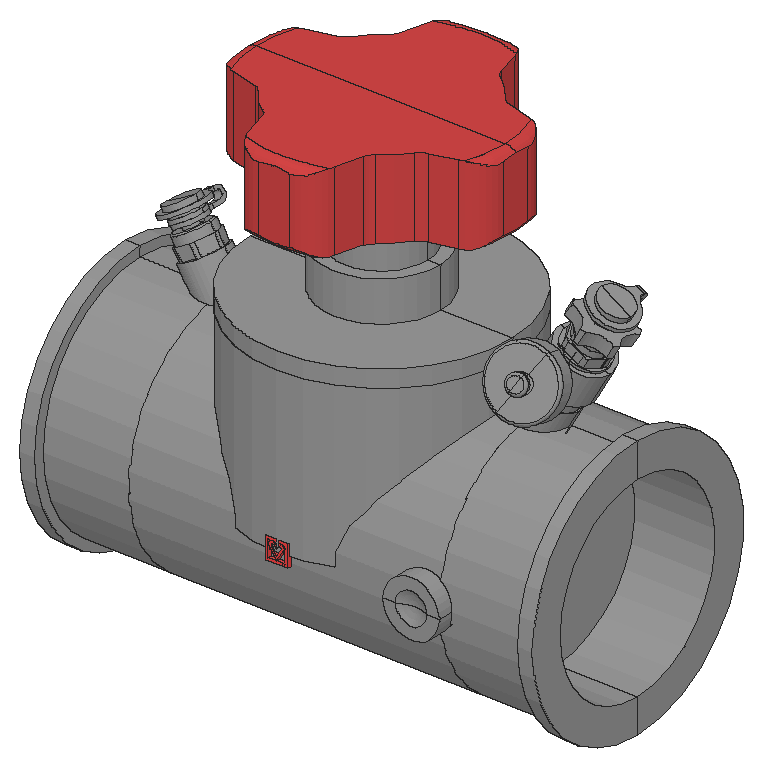
Revit family "HERZ Strömax клапан балансировочный с измерительными клапанами 4217 GML", category Rohrzubehör, Revit 2018
Family settings
  Bemaßung runder Anschluss = Durchmesser verwenden
  Teiletyp = Unterbricht
  OmniClass-Nummer = 23.65.55.14
  OmniClass-Titel = Valves for Liquid Services
  Arbeitsebenenbasiert = Nein
  Immer vertikal = Ja
  Beim Laden mit Abzugskörper schneiden = Nein
  Gemeinsam genutzt = Nein
Parameters
  Среда = "Качество теплоносителя в соответствии с ÖNORM H5195 и VDI 2035.\r\nДопускается использование этилен- и пропиленгликоля в соотношении 25-50% с водой."
  Положение клапана при монтаже = "Неподнимающийся шпиндель, расположенный перпендикулярно оси клапана, обеспечивает доступность и лёгкость в обслуживании в любом монтажном положении."
  Область применения = "Балансировочные клапаны применяются для гидравлической балансировки систем отопления и охлаждения, регулировки магистральных трубопроводов, стояков, теплообменников, регистров отопления и охлаждения."
  Номер заказа [instance] = size_lookup("4217_GML_", "Artnr", 0, Nennweite)  # 1421718
  Макс. рабочее давление = 1600000.0 Pa  # constant formula
  Макс. рабочая температура (с DN40) = 110 °C  # constant formula
  Макс. рабочая температура (до DN32) = 130 °C  # constant formula
  Корпус = "латунь, устойчивая к селективной цинковой коррозии"  # constant formula
  Исполнение = "STRÖMAX-GML Балансировочный клапан с измерительными клапанами и подключением импульсной трубки, 1/2′′ – 3′′.\r\nИсполнение с прямым невыдвижным шпинделем, муфта х муфта, латунный корпус без покрытия, уплотнение шпинделя двойным кольцевым уплотнением O-Ring, преднастройка посредством ограничения хода внутреннего шпинделя, цифровые показания степени настройки отображаются в окне маховика.\r\nОдин измерительный клапан расположен перед седлом балансировочного клапана, другой измерительный клапан с возможностью подключения импульсной трубки - после седла."
  Измерение перепада давления = "Клапаны STRÖMAX-GML оснащен двумя измерительными клапанами:\r\nс помощью измерительного прибора можно измерить перепад давления и по нему определить текущий расход в зависимости от степени преднастройки.\r\nHERZ Измерительный компьютер (1 8900 05) позволяет напрямую считывать расход (см. руководство к измерительным приборам)."
  kvs-значения [instance] = if(Nennweite = 15.00 mm, 6.05, if(Nennweite = 20.00 mm, 6.11, if(Nennweite = 25.00 mm, 9.22, if(Nennweite = 32.00 mm, 18.83, if(Nennweite = 40.00 mm, 23.29, if(Nennweite = 50.00 mm, 35.26, if(Nennweite = 65.00 mm, 52.11, if(Nennweite = 80.00 mm, 76.1, 0))))))))  # 76.1
  W02 = 60.00°  # constant formula
  W01 = 30.00°  # constant formula
  URL = "www.herz-armaturen.ru"
  SC_NennweiteBerechnet = 0
  SC_Dimension = ""
  SCRNSEQ = "ARM;ARM_TYP=\"STRV\";2"
  SCRNCODE = "05;07;02"  # constant formula
  S02 = 60.00 mm  # constant formula
  S01 [instance] = H00 + H01  # 119.31 mm
  R01 [instance] = size_lookup("4217_GML_", "R1", 1.00 mm, Nennweite)  # 53.00 mm
  Nennweite [instance] = 80.00 mm
  ML02 [instance] = size_lookup("4217_GML_", "ML2", 1.00 mm, Nennweite)  # 70.50 mm
  ML01 [instance] = size_lookup("4217_GML_", "ML1", 1.00 mm, Nennweite)  # 37.35 mm
  MD01 = 9.50 mm  # constant formula
  L02 [instance] = size_lookup("4217_GML_", "L2", 1.00 mm, Nennweite)  # 6.00 mm
  L01 [instance] = size_lookup("4217_GML_", "L1", 1.00 mm, Nennweite)  # 41.30 mm
  L00 [instance] = size_lookup("4217_GML_", "L", 1.00 mm, Nennweite)  # 210.00 mm
  IG [instance] = Nennweite / 2  # 40.00 mm
  Hersteller = "HERZ Armaturen Ges.m.b.H."  # constant formula
  H04 [instance] = size_lookup("4217_GML_", "H4", 1.00 mm, Nennweite)  # 19.00 mm
  H03 = 10.00 mm  # constant formula
  H02 [instance] = size_lookup("4217_GML_", "H2", 1.00 mm, Nennweite)  # 7.00 mm
  H01 [instance] = size_lookup("4217_GML_", "H1", 1.00 mm, Nennweite)  # 52.60 mm
  H00 [instance] = size_lookup("4217_GML_", "H", 1.00 mm, Nennweite)  # 66.71 mm
  Вес [instance] = if(Nennweite = 15.00 mm, "0.97 kg", if(Nennweite = 20.00 mm, "1.00 kg", if(Nennweite = 25.00 mm, "1.45 kg", if(Nennweite = 32.00 mm, "1.98 kg", if(Nennweite = 40.00 mm, "2.34 kg", if(Nennweite = 50.00 mm, "3.85 kg", if(Nennweite = 65.00 mm, "5.35 kg", if(Nennweite = 80.00 mm, "7.20 kg", "0 kg"))))))))  # "7.20 kg"
  GT [instance] = size_lookup("4217_GML_", "GT", 1.00 mm, Nennweite)  # 33.30 mm
  DN80 [instance] = Nennweite = 80.00 mm  # yes
  DN65 [instance] = Nennweite = 65.00 mm  # no
  DN50_DN80 [instance] = or(Nennweite = 50.00 mm, Nennweite = 65.00 mm, Nennweite = 80.00 mm)  # yes
  DN50-DN80 [instance] = H00 + H01  # 119.31 mm
  DN50 [instance] = Nennweite = 50.00 mm  # no
  DN40 [instance] = Nennweite = 40.00 mm  # no
  DN32 [instance] = Nennweite = 32.00 mm  # no
  DN25 [instance] = Nennweite = 25.00 mm  # no
  DN20 [instance] = Nennweite = 20.00 mm  # no
  DN15_DN40 [instance] = or(Nennweite = 15.00 mm, Nennweite = 20.00 mm, Nennweite = 25.00 mm, Nennweite = 32.00 mm, Nennweite = 40.00 mm)  # no
  DN15-DN40 [instance] = H00 + H01  # 119.31 mm
  DN15 [instance] = Nennweite = 15.00 mm  # no
  D06 [instance] = size_lookup("4217_GML_", "D6", 1.00 mm, Nennweite)  # 24.30 mm
  D05 [instance] = size_lookup("4217_GML_", "D5", 1.00 mm, Nennweite)  # 19.00 mm
  D04 = 9.00 mm  # constant formula
  D03 [instance] = size_lookup("4217_GML_", "D3", 1.00 mm, Nennweite)  # 53.80 mm
  D02 [instance] = size_lookup("4217_GML_", "D2", 1.00 mm, Nennweite)  # 54.00 mm
  D01 [instance] = size_lookup("4217_GML_", "D1", 1.00 mm, Nennweite)  # 50.00 mm
Reference planes
  plane 1 "Mitte (Vorne/hinten)": y = 0
  plane 2: z = 0
  plane 3 "Mitte (Links/rechts)": x = 0
Forms (mm)
  Revolve 1, solid, material "Messing, weicher Gelbton, geschweißt", detail levels fine
    sketch origin (0, 0, 0) x (1, 0, 0) y (0, 0, 1)
      loop
        line (-105, 54) -> (-105, 40) -> (-71.7, 40) -> (-71.7, 0) -> (71.7, 0) -> (71.7, 40) -> (105, 40) -> (105, 54) -> (99, 54) -> (99, 50) -> (63.7, 50)
        arc (63.7, 50) -> (0, 53) -> (-63.7, 50) r 677.782
        line (-63.7, 50) -> (-99, 50) -> (-99, 54) -> (-105, 54)
      axis (-105, 0) -> (105, 0)
    angle from 0 to 360
  Revolve 2, solid, material "Messing, weicher Gelbton, geschweißt", detail levels fine
    sketch origin (0, 0, 0) x (1, 0, 0) y (0, 0, 1)
      loop
        line (37.35, 0) -> (72.6, 61.055) -> (64.373, 65.805) -> (29.123, 4.75) -> (37.35, 0)
      axis (37.35, 0) -> (72.6, 61.055)
    angle from 0 to 360
  Revolve 3, solid, material "Messing, weicher Gelbton, geschweißt", detail levels fine
    sketch origin (0, 0, 0) x (1, 0, 0) y (0, 0, 1)
      loop
        line (0, 0) -> (0, 66.71) -> (-53.8, 66.71) -> (-53.8, 0) -> (0, 0)
      axis (0, 66.71) -> (0, 0)
    angle from 0 to 360
  Revolve 4, solid, material "Messing, weicher Gelbton, geschweißt", detail levels fine
    sketch origin (0, 0, 0) x (-1, 0, 0) y (0, 0, 1)
      loop
        line (37.35, 0) -> (72.6, 61.055) -> (64.373, 65.805) -> (29.123, 4.75) -> (37.35, 0)
      axis (37.35, 0) -> (72.6, 61.055)
    angle from 0 to 360
  Revolve 5, solid, material "Messing, weicher Gelbton, geschweißt", visible <- "DN65", detail levels fine
    sketch origin (0, 0, 0) x (1, 0, 0) y (0, 1, 0)
      loop
        line (60, 47.945) -> (60, -47.945)
        arc (60, -47.945) -> (63.368, -48.598) -> (66.5, -50) r 15
        line (66.5, -50) -> (71.5, -50) -> (71.5, 50) -> (66.5, 50)
        arc (66.5, 50) -> (63.368, 48.598) -> (60, 47.945) r 15
      axis (60, 50) -> (60, -50)
    angle from 0 to 360
  Revolve 6, solid, material "Messing, weicher Gelbton, geschweißt", detail levels fine
    sketch origin (0, 0, 0) x (1, 0, 0) y (0, 0, 1)
      loop
        line (0, 66.71) -> (0, 119.31) -> (-9, 119.31) -> (-9, 109.31) -> (-19, 109.31) -> (-19, 90.31) -> (-24.3, 90.31) -> (-24.3, 73.71) -> (-53.8, 73.71) -> (-53.8, 66.71) -> (0, 66.71)
      axis (0, 119.31) -> (0, 66.71)
    angle from 0 to 360
  Revolve 7, solid, material "Messing, weicher Gelbton, geschweißt", visible <- "DN80", detail levels fine
    sketch origin (0, 0, 0) x (1, 0, 0) y (0, 1, 0)
      loop
        line (57, 53.945) -> (57, -53.945)
        arc (57, -53.945) -> (60.368, -54.598) -> (63.5, -56) r 15
        line (63.5, -56) -> (68.5, -56) -> (68.5, 56) -> (63.5, 56)
        arc (63.5, 56) -> (60.368, 54.598) -> (57, 53.945) r 15
      axis (57, 56) -> (57, -56)
    angle from 0 to 360
Lines and regions (mm)
  model lines, detail levels coarse+medium
    curve 1: line (-105, 0, 54) -> (-105, 0, -54)
    curve 2: line (-105, 0, -54) -> (105, 0, 54)
    curve 3: line (105, 0, 54) -> (105, 0, -54)
    curve 4: line (105, 0, -54) -> (-105, 0, 54)
    curve 5: line (0, 0, 0) -> (68.884, 0, 119.31)
    curve 6: line (42.903, 0, 134.31) -> (94.864, 0, 104.31)
    curve 7: line (-105, 54, 0) -> (-105, -54, 0)
    curve 8: line (-105, -54, 0) -> (105, 54, 0)
    curve 9: line (105, 54, 0) -> (105, -54, 0)
    curve 10: line (105, -54, 0) -> (-105, 54, 0)
    curve 11: line (0, 0, 0) -> (68.884, 119.31, 0)
    curve 12: line (42.903, 134.31, 0) -> (94.864, 104.31, 0)
Dimensions and locks
  "IG": Revolve 1 sketch curve to plane 2
  "GT": Revolve 1 sketch curve to Revolve 1 sketch curve  (x2)
  "IG": Revolve 1 sketch curve to Revolve 1 sketch curve
  "D01": Revolve 1 sketch curve to Revolve 1 sketch curve  (x2)
  "R01": Revolve 1 sketch curve to Revolve 1 sketch curve
  "L02": Revolve 1 sketch curve to Revolve 1 sketch curve  (x2)
  "L01": Revolve 1 sketch curve to Revolve 1 sketch curve  (x2)
  "D02": Revolve 1 sketch curve to plane 2  (x2)
  equal spacing: Revolve 1 sketch curve, plane 3 "Mitte (Links/rechts)", Revolve 1 sketch curve
  "L00": Revolve 1 sketch curve to Revolve 1 sketch curve
  "R01": nested 1 to plane 1 "Mitte (Vorne/hinten)"
  "ML01": Revolve 2 sketch curve to plane 3 "Mitte (Links/rechts)"
  "H00": Revolve 3 sketch curve to plane 2
  "D03": Revolve 3 sketch curve to Revolve 3 sketch curve
  "ML02": Revolve 2 sketch curve to Revolve 2 sketch curve
  "MD01": Revolve 2 sketch curve to Revolve 2 sketch curve  (x2)
  "ML02": Revolve 4 sketch curve to Revolve 4 sketch curve
  "MD01": Revolve 4 sketch curve to Revolve 4 sketch curve  (x2)
  "ML01": plane 3 "Mitte (Links/rechts)" to Revolve 4 sketch curve
  Revolve 5 sketch curve to Revolve 1 = 45.00 mm
  Revolve 5 sketch curve to Revolve 5 sketch curve = 11.50 mm  (x2)
  Revolve 5 sketch curve to plane 1 "Mitte (Vorne/hinten)" to Revolve 5 sketch curve = 50.00 mm, 50.00 mm
  "H00": Revolve 6 sketch curve to plane 2
  "H01": Revolve 6 sketch curve to Revolve 6 sketch curve
  "D04": Revolve 6 sketch curve to Revolve 6 sketch curve
  "D03": Revolve 6 sketch curve to Revolve 6 sketch curve
  "D05": Revolve 6 sketch curve to Revolve 6 sketch curve
  "D06": Revolve 6 sketch curve to Revolve 6 sketch curve
  "H02": Revolve 6 sketch curve to Revolve 6 sketch curve
  "H03": Revolve 6 sketch curve to Revolve 6 sketch curve
  "H04": Revolve 6 sketch curve to Revolve 6 sketch curve
  Revolve 7 sketch curve to Revolve 1 = 48.00 mm
  Revolve 7 sketch curve to Revolve 7 sketch curve = 11.50 mm  (x2)
  Revolve 7 sketch curve to plane 1 "Mitte (Vorne/hinten)" to Revolve 7 sketch curve = 56.00 mm, 56.00 mm
  "DN15-DN40": nested 2 to plane 2
  "DN50-DN80": nested 3 to plane 2
  "D02": curve 4 to plane 2 to curve 2
  "D02": curve 3 to plane 2 to curve 4
  equal spacing: curve 1, plane 3 "Mitte (Links/rechts)", curve 3
  "L00": curve 1 to curve 3
  equal spacing: Revolve 1, curve 5, Revolve 1
  "S01": curve 5 to plane 2
  equal spacing: curve 6, curve 5, curve 6
  "S02": curve 6 to curve 6
  "D02": curve 8 to plane 1 "Mitte (Vorne/hinten)" to curve 10
  "D02": curve 10 to plane 1 "Mitte (Vorne/hinten)" to curve 9
  equal spacing: curve 7, plane 3 "Mitte (Links/rechts)", curve 9
  "L00": curve 7 to curve 9
  equal spacing: curve 7, curve 11, curve 9
  "S01": plane 1 "Mitte (Vorne/hinten)" to curve 11
  equal spacing: curve 12, curve 11, curve 12
  "S02": curve 12 to curve 12
  radius of Revolve 5 sketch curve = 15.00 mm  (x2)
  radius of Revolve 7 sketch curve = 15.00 mm  (x2)
  "W01": angle Revolve 2 sketch curve to plane 3 "Mitte (Links/rechts)"  (x2)
  "W01": angle plane 3 "Mitte (Links/rechts)" to Revolve 4 sketch curve  (x2)
  "W02": angle plane 2 to curve 5
  "W02": angle plane 1 "Mitte (Vorne/hinten)" to curve 11
  aligned and locked: level to plane 2
Automatic sketch dimensions
  Revolve 5 sketch curve to Revolve 5 sketch curve = 1.153 mm  (x2)
  Revolve 5 sketch curve to Revolve 5 sketch curve = 5.00 mm  (x2)
  Revolve 5 sketch curve to Revolve 5 sketch curve = 2.854 mm  (x2)
  Revolve 7 sketch curve to Revolve 7 sketch curve = 1.153 mm  (x2)
  Revolve 7 sketch curve to Revolve 7 sketch curve = 5.00 mm  (x2)
  Revolve 7 sketch curve to Revolve 7 sketch curve = 8.854 mm  (x2)
  Revolve 1 sketch curve to level = 0.00 mm  (x2)
  Revolve 1 sketch curve to Revolve 1 sketch curve = 1429.986 mm
  Revolve 1 sketch curve to Revolve 1 sketch curve = 1762.604 mm
  Revolve 2 sketch curve to level = 0.00 mm  (x2)
  Revolve 3 sketch curve to level = 0.00 mm
  Revolve 3 sketch curve to plane 3 "Mitte (Links/rechts)" = 0.00 mm  (x2)
  Revolve 3 sketch curve to Revolve 3 sketch curve = 366.045 mm
  Revolve 3 sketch curve to Revolve 3 sketch curve = 2179.415 mm
  Revolve 4 sketch curve to level = 0.00 mm  (x2)
  Revolve 6 sketch curve to plane 3 "Mitte (Links/rechts)" = 0.00 mm  (x2)
  Revolve 6 sketch curve to level = 366.045 mm
  Revolve 6 sketch curve to Revolve 6 sketch curve = 2146.115 mm
Nested families
  nested 1: "Herz-Logo-vorne" at (0, -53, 0) x (0, 1, 0) z (0, 0, 1), type "Herz-Logo-vorne", detail levels fine
  nested 2: "Strangregulierventil-Handrad-Gerade (Rot) DN15-DN40" at (0, 0, 119.31), visible <- "DN15_DN40", type "Strangregulierventil-Handrad-Gerade (Rot) DN15-DN40", detail levels fine
    with Nennweite 0.00 mm, Gewicht 0.00 kg, Bestellnummer 0
  nested 3: "Strangregulierventil-Handrad-Gerade (Rot) DN50-DN80" at (0, 0, 119.31), visible <- "DN50_DN80", type "Strangregulierventil-Handrad-Gerade (Rot) DN50-DN80", detail levels fine
    with Nennweite 0.00 mm, Gewicht 0.00 kg, Bestellnummer 0
  nested 4: "Messstutzen_Band-KFE_Austritt_30Grad_(oben)" at (61.39, 0, 59.409), visible <- "DN50", type "Messstutzen_Band-KFE_Austritt_30Grad_(oben)", detail levels fine
    with Schutzkappe yes, Nennweite 0.00 mm, Gewicht 0.00 kg, Bestellnummer 0
  nested 5: "Messstutzen_Band_Eintritt_30Grad_(oben)" at (-47.24, 0, 34.901) x (-1, 0, 0) z (0, 0, 1), visible <- "DN50", type "Messstutzen_Band_Eintritt_30Grad_(oben)", detail levels fine
    with Schutzkappe yes, Nennweite 0.00 mm, Gewicht 0.00 kg, Bestellnummer 0
  nested 6: "Messstutzen_Band-KFE_Austritt_30Grad_(oben)" at (41.17, 0, 35.507), visible <- "DN15", type "Messstutzen_Band-KFE_Austritt_30Grad_(oben)", detail levels fine
    with Schutzkappe yes, Nennweite 0.00 mm, Gewicht 0.00 kg, Bestellnummer 0
  nested 7: "Messstutzen_Band_Eintritt_30Grad_(oben)" at (-27.02, 0, 10.999) x (-1, 0, 0) z (0, 0, 1), visible <- "DN15", type "Messstutzen_Band_Eintritt_30Grad_(oben)", detail levels fine
    with Schutzkappe yes, Nennweite 0.00 mm, Gewicht 0.00 kg, Bestellnummer 0
  nested 8: "Messstutzen_Band_Eintritt_30Grad_(oben)" at (-24.855, 0, 13.553) x (-1, 0, 0) z (0, 0, 1), visible <- "DN20", type "Messstutzen_Band_Eintritt_30Grad_(oben)", detail levels fine
    with Schutzkappe yes, Nennweite 0.00 mm, Gewicht 0.00 kg, Bestellnummer 0
  nested 9: "Messstutzen_Band-KFE_Austritt_30Grad_(oben)" at (39.005, 0, 38.062), visible <- "DN20", type "Messstutzen_Band-KFE_Austritt_30Grad_(oben)", detail levels fine
    with Schutzkappe yes, Nennweite 0.00 mm, Gewicht 0.00 kg, Bestellnummer 0
  nested 10: "Messstutzen_Band_Eintritt_30Grad_(oben)" at (-29.265, 0, 17.883) x (-1, 0, 0) z (0, 0, 1), visible <- "DN25", type "Messstutzen_Band_Eintritt_30Grad_(oben)", detail levels fine
    with Schutzkappe yes, Nennweite 0.00 mm, Gewicht 0.00 kg, Bestellnummer 0
  nested 11: "Messstutzen_Band-KFE_Austritt_30Grad_(oben)" at (43.415, 0, 42.392), visible <- "DN25", type "Messstutzen_Band-KFE_Austritt_30Grad_(oben)", detail levels fine
    with Schutzkappe yes, Nennweite 0.00 mm, Gewicht 0.00 kg, Bestellnummer 0
  nested 12: "Messstutzen_Band_Eintritt_30Grad_(oben)" at (-37.74, 0, 24.595) x (-1, 0, 0) z (0, 0, 1), visible <- "DN32", type "Messstutzen_Band_Eintritt_30Grad_(oben)", detail levels fine
    with Schutzkappe yes, Nennweite 0.00 mm, Gewicht 0.00 kg, Bestellnummer 0
  nested 13: "Messstutzen_Band-KFE_Austritt_30Grad_(oben)" at (51.89, 0, 49.104), visible <- "DN32", type "Messstutzen_Band-KFE_Austritt_30Grad_(oben)", detail levels fine
    with Schutzkappe yes, Nennweite 0.00 mm, Gewicht 0.00 kg, Bestellnummer 0
  nested 14: "Messstutzen_Band_Eintritt_30Grad_(oben)" at (-42.8, 0, 28.665) x (-1, 0, 0) z (0, 0, 1), visible <- "DN40", type "Messstutzen_Band_Eintritt_30Grad_(oben)", detail levels fine
    with Schutzkappe yes, Nennweite 0.00 mm, Gewicht 0.00 kg, Bestellnummer 0
  nested 15: "Messstutzen_Band-KFE_Austritt_30Grad_(oben)" at (56.95, 0, 53.174), visible <- "DN40", type "Messstutzen_Band-KFE_Austritt_30Grad_(oben)", detail levels fine
    with Schutzkappe yes, Nennweite 0.00 mm, Gewicht 0.00 kg, Bestellnummer 0
  nested 16: "Messstutzen_Band_Eintritt_30Grad_(oben)" at (-54.5, 0, 38.105) x (-1, 0, 0) z (0, 0, 1), visible <- "DN65", type "Messstutzen_Band_Eintritt_30Grad_(oben)", detail levels fine
    with Schutzkappe yes, Nennweite 0.00 mm, Gewicht 0.00 kg, Bestellnummer 0
  nested 17: "Messstutzen_Band-KFE_Austritt_30Grad_(oben)" at (68.65, 0, 62.614), visible <- "DN65", type "Messstutzen_Band-KFE_Austritt_30Grad_(oben)", detail levels fine
    with Schutzkappe yes, Nennweite 0.00 mm, Gewicht 0.00 kg, Bestellnummer 0
  nested 18: "Messstutzen_Band_Eintritt_30Grad_(oben)" at (-63.85, 0, 45.899) x (-1, 0, 0) z (0, 0, 1), visible <- "DN80", type "Messstutzen_Band_Eintritt_30Grad_(oben)", detail levels fine
    with Schutzkappe yes, Nennweite 0.00 mm, Gewicht 0.00 kg, Bestellnummer 0
  nested 19: "Messstutzen_Band-KFE_Austritt_30Grad_(oben)" at (78, 0, 70.408), visible <- "DN80", type "Messstutzen_Band-KFE_Austritt_30Grad_(oben)", detail levels fine
    with Schutzkappe yes, Nennweite 0.00 mm, Gewicht 0.00 kg, Bestellnummer 0
Connectors
  piping at (-71.7, 0, 0), diameter 80, driven by "Nennweite"
    settings: on Revolve 1, index 1, connector inside diameter 609.6 mm, connector length 0.00 mm, flow factor 0, pipe flow 0.0 L/s, pressure drop 0.0 Pa, fitting loss kfactor 0, connector angle 0.00°, fixture units 0, engagement length 0.00 mm, angle of deflection 0.00°, flow configuration 0, flow direction 1, fitting loss method 0, system type 29, joint type 0, gender type 0, connector reference index -1, connector utility 0, adjustable connector no, is connector primary yes, connector description ""
  piping at (71.7, 0, 0), diameter 80, driven by "Nennweite"
    settings: on Revolve 1, index 2, connector inside diameter 609.6 mm, connector length 0.00 mm, flow factor 0, pipe flow 0.0 L/s, pressure drop 0.0 Pa, fitting loss kfactor 0, connector angle 0.00°, fixture units 0, engagement length 0.00 mm, angle of deflection 0.00°, flow configuration 0, flow direction 2, fitting loss method 0, system type 29, joint type 0, gender type 0, connector reference index -1, connector utility 0, adjustable connector no, is connector primary no, connector description ""
Definition of nested family "Herz-Logo-vorne"
  Reference planes
    plane 1 "Mitte (Vorne/hinten)": y = 0
    plane 2: z = 0
    plane 3 "Mitte (Links/rechts)": x = 0
  Forms (mm)
    Extrusion 1, solid
      sketch origin (0.732, -0.018, 0.017) x (0, -1, 0) y (0, 0, 1)
        loop
          line (-0.018, -4.517) -> (4.482, -4.517) -> (4.482, 4.483) -> (-4.518, 4.483) -> (-4.518, -4.517) -> (-0.018, -4.517)
        loop
          line (-0.05, -3.48) -> (3.482, -3.48) -> (3.482, 3.483) -> (-3.518, 3.483) -> (-3.518, -3.48) -> (-0.05, -3.48)
        loop
          arc (-0.018, 2.383) -> (-1.543, 3.287) -> (-3.067, 2.383) r 1.738
          arc (-3.067, 2.383) -> (-3.191, 1.899) -> (-3.067, 1.415) r 1.009
          line (-3.067, 1.415) -> (-0.018, -3.281) -> (3.032, 1.415)
          arc (3.032, 1.415) -> (3.156, 1.899) -> (3.032, 2.383) r 1.009
          arc (3.032, 2.383) -> (1.507, 3.287) -> (-0.018, 2.383) r 1.738
        loop
          arc (1.885, 1.272) -> (2.005, 1.675) -> (1.885, 2.079) r 0.74
          arc (1.885, 2.079) -> (1.265, 2.416) -> (0.644, 2.079) r 0.74
          line (0.644, 2.079) -> (-0.018, 0.97) -> (-0.679, 2.079)
          arc (-0.679, 2.079) -> (-1.3, 2.416) -> (-1.921, 2.079) r 0.74
          arc (-1.921, 2.079) -> (-2.04, 1.675) -> (-1.921, 1.272) r 0.74
          line (-1.921, 1.272) -> (-0.018, -1.658) -> (1.885, 1.272)
      from 0 to 1.5
  Dimensions and locks
    aligned and locked: level to plane 2
Definition of nested family "Strangregulierventil-Handrad-Gerade (Rot) DN15-DN40"
  Parameters (values of type "Strangregulierventil-Handrad-Gerade (Rot) DN15-DN40")
    URL = "www.herz-armaturen.at"
    Nennweite [instance] = 0.00 mm
    Manufacturer = "Herz Armaturen GmbH"  # constant formula
    Gewicht [instance] = 0.00 kg
    Bestellnummer [instance] = 0
  Reference planes
    plane 1 "Mitte (Vorne/hinten)": y = 0
    plane 2: z = 0
    plane 3 "Mitte (Links/rechts)": x = 0
  Forms (mm)
    Revolve 1, solid, detail levels fine
      sketch origin (0, 0, 0) x (1, 0, 0) y (0, 0, 1)
        loop
          line (0, 0) -> (0, 24.95) -> (-30.992, 24.95)
          arc (-30.992, 24.95) -> (-34.37, 23.636) -> (-35.973, 20.386) r 5
          line (-35.973, 20.386) -> (-37, 8.65) -> (-35.986, -2.936)
          arc (-35.986, -2.936) -> (-34.383, -6.186) -> (-31.005, -7.5) r 5
          line (-31.005, -7.5) -> (-15, -7.5) -> (-15, 0) -> (0, 0)
        axis (0, 24.95) -> (0, -7.5)
      angle from 0 to 360
    Extrusion 2, void
      sketch origin (0, 0, 20.3) x (1, 0, 0) y (0, 1, 0)
        loop
          line (3.861, 35.5) -> (-3.861, 35.5)
          arc (-3.861, 35.5) -> (-8.731, 33.847) -> (-11.589, 29.571) r 8
          line (-11.589, 29.571) -> (-13.284, 23.245)
          arc (-13.284, 23.245) -> (-13.982, 21.722) -> (-15.144, 20.516) r 5
          arc (-15.144, 20.516) -> (-18.031, 18.031) -> (-20.516, 15.144) r 25.5
          arc (-20.516, 15.144) -> (-21.722, 13.982) -> (-23.245, 13.284) r 5
          line (-23.245, 13.284) -> (-29.571, 11.589)
          arc (-29.571, 11.589) -> (-33.847, 8.731) -> (-35.5, 3.861) r 8
          line (-35.5, 3.861) -> (-35.5, -3.861)
          arc (-35.5, -3.861) -> (-33.847, -8.731) -> (-29.571, -11.589) r 8
          line (-29.571, -11.589) -> (-23.245, -13.284)
          arc (-23.245, -13.284) -> (-21.722, -13.982) -> (-20.516, -15.144) r 5
          arc (-20.516, -15.144) -> (-18.031, -18.031) -> (-15.144, -20.516) r 25.5
          arc (-15.144, -20.516) -> (-13.982, -21.722) -> (-13.284, -23.245) r 5
          line (-13.284, -23.245) -> (-11.589, -29.571)
          arc (-11.589, -29.571) -> (-8.731, -33.847) -> (-3.861, -35.5) r 8
          line (-3.861, -35.5) -> (3.861, -35.5)
          arc (3.861, -35.5) -> (8.731, -33.847) -> (11.589, -29.571) r 8
          line (11.589, -29.571) -> (13.284, -23.245)
          arc (13.284, -23.245) -> (13.982, -21.722) -> (15.144, -20.516) r 5
          arc (15.144, -20.516) -> (18.031, -18.031) -> (20.516, -15.144) r 25.5
          arc (20.516, -15.144) -> (21.722, -13.982) -> (23.245, -13.284) r 5
          line (23.245, -13.284) -> (29.571, -11.589)
          arc (29.571, -11.589) -> (33.847, -8.731) -> (35.5, -3.861) r 8
          line (35.5, -3.861) -> (35.5, 3.861)
          arc (35.5, 3.861) -> (33.847, 8.731) -> (29.571, 11.589) r 8
          line (29.571, 11.589) -> (23.245, 13.284)
          arc (23.245, 13.284) -> (21.722, 13.982) -> (20.516, 15.144) r 5
          arc (20.516, 15.144) -> (18.031, 18.031) -> (15.144, 20.516) r 25.5
          arc (15.144, 20.516) -> (13.982, 21.722) -> (13.284, 23.245) r 5
          line (13.284, 23.245) -> (11.589, 29.571)
          arc (11.589, 29.571) -> (8.731, 33.847) -> (3.861, 35.5) r 8
        loop
          circle (0, 0) r 38
      from -31.266 to 7.923
  Cuts and joins
    Extrusion 2 cuts Revolve 1
  Dimensions and locks
    Revolve 1 sketch curve to Revolve 1 sketch curve = 15.00 mm
    Revolve 1 sketch curve to Revolve 1 sketch curve = 16.15 mm
    Revolve 1 sketch curve to Revolve 1 sketch curve = 16.30 mm
    angle Revolve 1 sketch curve to Revolve 1 sketch curve = 95.00°
    aligned and locked: level to plane 2
Definition of nested family "Strangregulierventil-Handrad-Gerade (Rot) DN50-DN80"
  Parameters (values of type "Strangregulierventil-Handrad-Gerade (Rot) DN50-DN80")
    URL = "www.herz-armaturen.at"
    Nennweite [instance] = 0.00 mm
    Manufacturer = "Herz Armaturen GmbH"  # constant formula
    Gewicht [instance] = 0.00 kg
    Bestellnummer [instance] = 0
  Reference planes
    plane 1 "Mitte (Vorne/hinten)": y = 0
    plane 2: z = 0
    plane 3 "Mitte (Links/rechts)": x = 0
  Forms (mm)
    Revolve 1, solid, detail levels fine
      sketch origin (0, 0, 0) x (1, 0, 0) y (0, 0, 1)
        loop
          line (0, 0) -> (0, 24.95) -> (-50.992, 24.95)
          arc (-50.992, 24.95) -> (-54.37, 23.636) -> (-55.973, 20.386) r 5
          line (-55.973, 20.386) -> (-57, 8.65) -> (-55.986, -2.936)
          arc (-55.986, -2.936) -> (-54.383, -6.186) -> (-51.005, -7.5) r 5
          line (-51.005, -7.5) -> (-15, -7.5) -> (-15, 0) -> (0, 0)
        axis (0, 24.95) -> (0, -7.5)
      angle from 0 to 360
    Extrusion 2, void
      sketch origin (0, 0, 20.3) x (1, 0, 0) y (0, 1, 0)
        loop
          line (-55, 6.292) -> (-55, -6.292)
          arc (-55, -6.292) -> (-52.52, -13.597) -> (-46.106, -17.883) r 12
          line (-46.106, -17.883) -> (-35.399, -20.752)
          arc (-35.399, -20.752) -> (-33.541, -21.612) -> (-32.08, -23.047) r 6
          arc (-32.08, -23.047) -> (-27.931, -27.931) -> (-23.047, -32.08) r 39.5
          arc (-23.047, -32.08) -> (-21.612, -33.541) -> (-20.752, -35.399) r 6
          line (-20.752, -35.399) -> (-17.883, -46.106)
          arc (-17.883, -46.106) -> (-13.597, -52.52) -> (-6.292, -55) r 12
          line (-6.292, -55) -> (6.292, -55)
          arc (6.292, -55) -> (13.597, -52.52) -> (17.883, -46.106) r 12
          line (17.883, -46.106) -> (20.752, -35.399)
          arc (20.752, -35.399) -> (21.612, -33.541) -> (23.047, -32.08) r 6
          arc (23.047, -32.08) -> (27.931, -27.931) -> (32.08, -23.047) r 39.5
          arc (32.08, -23.047) -> (33.541, -21.612) -> (35.399, -20.752) r 6
          line (35.399, -20.752) -> (46.106, -17.883)
          arc (46.106, -17.883) -> (52.52, -13.597) -> (55, -6.292) r 12
          line (55, -6.292) -> (55, 6.292)
          arc (55, 6.292) -> (52.52, 13.597) -> (46.106, 17.883) r 12
          line (46.106, 17.883) -> (35.399, 20.752)
          arc (35.399, 20.752) -> (33.541, 21.612) -> (32.08, 23.047) r 6
          arc (32.08, 23.047) -> (27.931, 27.931) -> (23.047, 32.08) r 39.5
          arc (23.047, 32.08) -> (21.612, 33.541) -> (20.752, 35.399) r 6
          line (20.752, 35.399) -> (17.883, 46.106)
          arc (17.883, 46.106) -> (13.597, 52.52) -> (6.292, 55) r 12
          line (6.292, 55) -> (-6.292, 55)
          arc (-6.292, 55) -> (-13.597, 52.52) -> (-17.883, 46.106) r 12
          line (-17.883, 46.106) -> (-20.752, 35.399)
          arc (-20.752, 35.399) -> (-21.612, 33.541) -> (-23.047, 32.08) r 6
          arc (-23.047, 32.08) -> (-27.931, 27.931) -> (-32.08, 23.047) r 39.5
          arc (-32.08, 23.047) -> (-33.541, 21.612) -> (-35.399, 20.752) r 6
          line (-35.399, 20.752) -> (-46.106, 17.883)
          arc (-46.106, 17.883) -> (-52.52, 13.597) -> (-55, 6.292) r 12
        loop
          circle (0, 0) r 60
      from -31.161 to 7.489
  Cuts and joins
    Extrusion 2 cuts Revolve 1
  Dimensions and locks
    Revolve 1 sketch curve to Revolve 1 sketch curve = 15.00 mm
    Revolve 1 sketch curve to Revolve 1 sketch curve = 16.15 mm
    Revolve 1 sketch curve to Revolve 1 sketch curve = 16.30 mm
    Revolve 1 sketch curve to Revolve 1 sketch curve = 57.00 mm
    angle Revolve 1 sketch curve to Revolve 1 sketch curve = 95.00°
    aligned and locked: level to plane 2
Definition of nested family "Messstutzen_Band-KFE_Austritt_30Grad_(oben)"
  Parameters (values of type "Messstutzen_Band-KFE_Austritt_30Grad_(oben)")
    URL = "www.herz-armaturen.at"
    Schutzkappe [instance] = yes
    Nennweite [instance] = 0.00 mm
    Manufacturer = "Herz Armaturen GmbH"  # constant formula
    Gewicht [instance] = 0.00 kg
    Bestellnummer [instance] = 0
  Reference planes
    plane 1 "Mitte (Vorne/hinten)": y = 0
    plane 2: z = 0
    plane 3 "Mitte (Links/rechts)": x = 0
  Forms (mm)
    Revolve 1, solid, detail levels fine
      sketch origin (0, 0, 0) x (0.866025, 0, -0.5) y (0.5, 0, 0.866025)
        loop
          line (-7.4, 9) -> (-5.55, 9) -> (-5.55, 6)
          arc (-5.55, 6) -> (-5.626, 5.617) -> (-5.843, 5.293) r 1
          line (-5.843, 5.293) -> (-6.455, 4.681) -> (-6.455, 0.9) -> (-5.555, 0) -> (-2, 0) -> (-2, 23) -> (-2, 35.8) -> (-3.805, 35.8) -> (-4.415, 35.19) -> (-4.415, 30.863) -> (-3.7, 30.45) -> (-3.7, 27) -> (-7.4, 27) -> (-7.4, 9)
        axis (0, 0) -> (0, 35.8)
      angle from 0 to 360
    Extrusion 2, solid, detail levels fine
      sketch origin (8.75, 0, 15.155) x (0, 1, 0) y (-0.866025, 0, 0.5)
        loop
          arc (-7.07, 5.156) -> (-7.578, 4.375) -> (-8, 3.544) r 8.75
          line (-8, 3.544) -> (-8, -3.544)
          arc (-8, -3.544) -> (-7.578, -4.375) -> (-7.07, -5.156) r 8.75
          line (-7.07, -5.156) -> (-0.93, -8.7)
          arc (-0.93, -8.7) -> (0, -8.75) -> (0.93, -8.7) r 8.75
          line (0.93, -8.7) -> (7.07, -5.156)
          arc (7.07, -5.156) -> (7.578, -4.375) -> (8, -3.544) r 8.75
          line (8, -3.544) -> (8, 3.544)
          arc (8, 3.544) -> (7.578, 4.375) -> (7.07, 5.156) r 8.75
          line (7.07, 5.156) -> (0.93, 8.7)
          arc (0.93, 8.7) -> (0, 8.75) -> (-0.93, 8.7) r 8.75
          line (-0.93, 8.7) -> (-7.07, 5.156)
      from -5.51 to -1.21
    Revolve 3, solid, visible <- "Schutzkappe", detail levels fine
      sketch origin (0, 0, 0) x (0.866025, 0, -0.5) y (0.5, 0, 0.866025)
        loop
          line (0, 35.878) -> (0, 36.678) -> (-7, 36.678) -> (-7, 33.378) -> (-6.1, 33.378) -> (-6.1, 31.678) -> (-6.9, 31.678) -> (-6.9, 30.178) -> (-4.415, 30.178) -> (-4.415, 35.268) -> (-3.805, 35.878) -> (0, 35.878)
        axis (0, 30.178) -> (0, 36.678)
      angle from 0 to 360
    Extrusion 4, solid, detail levels fine
      sketch origin (15, 0, 25.981) x (0, 1, 0) y (0.866025, 0, -0.5)
        loop
          circle (0, 0) r 3.7
        loop
          arc (5.505, -3.906) -> (7.288, -2.358) -> (9.582, -1.8) r 5
          line (9.582, -1.8) -> (9.582, 1.8)
          arc (9.582, 1.8) -> (7.288, 2.358) -> (5.505, 3.906) r 5
          arc (5.505, 3.906) -> (-6.75, 0) -> (5.505, -3.906) r 6.75
      from 0 to -1.5
    Extrusion 5, solid, detail levels fine
      sketch origin (16.589, 0, 28.733) x (0, 1, 0) y (0.866025, 0, -0.5)
        loop
          circle (0, 0) r 6.1
        loop
          arc (8.652, -4.495) -> (10.493, -2.527) -> (13.089, -1.8) r 5
          line (13.089, -1.8) -> (13.089, 1.8)
          arc (13.089, 1.8) -> (10.493, 2.527) -> (8.652, 4.495) r 5
          arc (8.652, 4.495) -> (-9.75, 0) -> (8.652, -4.495) r 9.75
      from 0 to -1.5
    Sweep 6, solid, detail levels fine
      path origin (0, 0, 0) x (-0.5, 0, -0.866025) y (0, 1, 0)
        loop
          line (-29.25, 9.582) -> (-29.25, 14.522)
          arc (-29.25, 14.522) -> (-30.839, 16.112) -> (-32.428, 14.522) r 1.589
          line (-32.428, 14.522) -> (-32.428, 13.089)
      profile origin (14.625, 12.052, 25.331) x (0.5, 0, 0.866025) y (0.866025, 0, -0.5)
        loop
          line (-0.75, -1.8) -> (0.75, -1.8) -> (0.75, 1.8) -> (-0.75, 1.8) -> (-0.75, -1.8)
    Extrusion 7, solid, detail levels fine
      sketch origin (-87.639, 0, 50.598) x (0.866025, 0, -0.5) y (0, 1, 0)
        loop
          arc (112.053, 5.113) -> (111.589, 6) -> (111.053, 6.845) r 12
          arc (111.053, 6.845) -> (105.696, 7.794) -> (102.196, 11.958) r 7.971
          arc (102.196, 11.958) -> (101.196, 12) -> (100.196, 11.958) r 12
          arc (100.196, 11.958) -> (96.696, 7.794) -> (91.34, 6.845) r 7.971
          arc (91.34, 6.845) -> (90.804, 6) -> (90.34, 5.113) r 12
          arc (90.34, 5.113) -> (92.196, 0) -> (90.34, -5.113) r 7.971
          arc (90.34, -5.113) -> (90.804, -6) -> (91.34, -6.845) r 12
          arc (91.34, -6.845) -> (96.696, -7.794) -> (100.196, -11.958) r 7.971
          arc (100.196, -11.958) -> (101.196, -12) -> (102.196, -11.958) r 12
          arc (102.196, -11.958) -> (105.696, -7.794) -> (111.053, -6.845) r 7.971
          arc (111.053, -6.845) -> (111.589, -6) -> (112.053, -5.113) r 12
          arc (112.053, -5.113) -> (110.196, 0) -> (112.053, 5.113) r 7.971
      from 22.3 to 28.5
    Revolve 8, solid, detail levels fine
      sketch origin (-47.563, 0, 4.367) x (-0.866025, 0, 0.5) y (0.5, 0, 0.866025)
        loop
          line (-43.374, 0) -> (-37.874, 0) -> (-36.774, 1.1) -> (-36.774, 4.9) -> (-37.874, 6) -> (-37.874, 8.4) -> (-36.424, 8.4) -> (-36.424, 9.2) -> (-34.424, 9.2) -> (-34.424, 15.59) -> (-31.874, 15.59) -> (-31.874, 30.99) -> (-33.874, 30.99) -> (-33.874, 31.99) -> (-43.374, 31.99) -> (-43.374, 0)
        loop
          line (-43.374, 39) -> (-43.374, 36.29) -> (-35.874, 36.29) -> (-35.874, 39) -> (-43.374, 39)
        axis (-43.374, 39) -> (-43.374, 0)
      angle from 0 to 360
    Revolve 9, solid, detail levels fine
      sketch origin (0, 0, 0) x (0, -1, 0) y (0.5, 0, 0.866025)
        loop
          line (0, -1.01) -> (32.627, 14.204) -> (27.556, 25.08) -> (25.934, 25.67) -> (21.602, 23.65) -> (14.873, 11.994) -> (-2.324, 3.975) -> (0, -1.01)
        axis (32.627, 14.204) -> (0, -1.01)
      angle from 0 to 360
    Revolve 10, solid, detail levels fine
      sketch origin (-19.899, -51.188, -34.465) x (-0.453154, -0.422618, -0.784886) y (0.211309, -0.906308, 0.365998)
        loop
          line (-56.786, 8) -> (-45.747, 8) -> (-45.747, 0) -> (-43.834, 0) -> (-42.786, 1.048) -> (-42.786, 8.048)
          arc (-42.786, 8.048) -> (-43.065, 8.721) -> (-43.738, 9) r 0.952
          line (-43.738, 9) -> (-52.974, 9)
          arc (-52.974, 9) -> (-53.548, 9.238) -> (-53.786, 9.812) r 0.812
          line (-53.786, 9.812) -> (-53.786, 12) -> (-52.786, 12) -> (-52.786, 13.03)
          arc (-52.786, 13.03) -> (-53.07, 13.716) -> (-53.756, 14) r 0.97
          line (-53.756, 14) -> (-56.786, 14) -> (-56.786, 8)
        axis (-56.786, 14) -> (-56.786, 0)
      angle from 0 to 360
  Dimensions and locks
    aligned and locked: level to plane 2
Definition of nested family "Messstutzen_Band_Eintritt_30Grad_(oben)"
  Parameters (values of type "Messstutzen_Band_Eintritt_30Grad_(oben)")
    URL = "www.herz-armaturen.at"
    Schutzkappe [instance] = yes
    Nennweite [instance] = 0.00 mm
    Manufacturer = "Herz Armaturen GmbH"  # constant formula
    Gewicht [instance] = 0.00 kg
    Bestellnummer [instance] = 0
  Reference planes
    plane 1 "Mitte (Vorne/hinten)": y = 0
    plane 2: z = 0
    plane 3 "Mitte (Links/rechts)": x = 0
  Forms (mm)
    Revolve 1, solid, detail levels fine
      sketch origin (0, 0, 0) x (0.866025, 0, -0.5) y (0.5, 0, 0.866025)
        loop
          line (-7.4, 9) -> (-5.55, 9) -> (-5.55, 6)
          arc (-5.55, 6) -> (-5.626, 5.617) -> (-5.843, 5.293) r 1
          line (-5.843, 5.293) -> (-6.455, 4.681) -> (-6.455, 0.9) -> (-5.555, 0) -> (-2, 0) -> (-2, 17.5) -> (-8.4, 17.5)
          arc (-8.4, 17.5) -> (-7.693, 17.207) -> (-7.4, 16.5) r 1
          line (-7.4, 16.5) -> (-7.4, 9)
        loop
          line (-3.7, 27) -> (-7.3, 27) -> (-7.9, 26.4) -> (-7.9, 23) -> (-2, 23) -> (-2, 35.8) -> (-3.805, 35.8) -> (-4.415, 35.19) -> (-4.415, 30.863) -> (-3.7, 30.45) -> (-3.7, 27)
        axis (0, 0) -> (0, 35.8)
      angle from 0 to 360
    Extrusion 2, solid, detail levels fine
      sketch origin (8.75, 0, 15.155) x (0, 1, 0) y (-0.866025, 0, 0.5)
        loop
          arc (-7.07, 5.156) -> (-7.578, 4.375) -> (-8, 3.544) r 8.75
          line (-8, 3.544) -> (-8, -3.544)
          arc (-8, -3.544) -> (-7.578, -4.375) -> (-7.07, -5.156) r 8.75
          line (-7.07, -5.156) -> (-0.93, -8.7)
          arc (-0.93, -8.7) -> (0, -8.75) -> (0.93, -8.7) r 8.75
          line (0.93, -8.7) -> (7.07, -5.156)
          arc (7.07, -5.156) -> (7.578, -4.375) -> (8, -3.544) r 8.75
          line (8, -3.544) -> (8, 3.544)
          arc (8, 3.544) -> (7.578, 4.375) -> (7.07, 5.156) r 8.75
          line (7.07, 5.156) -> (0.93, 8.7)
          arc (0.93, 8.7) -> (0, 8.75) -> (-0.93, 8.7) r 8.75
          line (-0.93, 8.7) -> (-7.07, 5.156)
      from 0 to 5.5
    Revolve 3, solid, visible <- "Schutzkappe", detail levels fine
      sketch origin (0, 0, 0) x (0.866025, 0, -0.5) y (0.5, 0, 0.866025)
        loop
          line (0, 35.878) -> (0, 36.678) -> (-7, 36.678) -> (-7, 33.378) -> (-6.1, 33.378) -> (-6.1, 31.678) -> (-6.9, 31.678) -> (-6.9, 30.178) -> (-4.415, 30.178) -> (-4.415, 35.268) -> (-3.805, 35.878) -> (0, 35.878)
        axis (0, 30.178) -> (0, 36.678)
      angle from 0 to 360
    Extrusion 4, solid, detail levels fine
      sketch origin (14.25, 0, 24.682) x (0, 1, 0) y (0.866025, 0, -0.5)
        loop
          circle (0, 0) r 3.7
        loop
          arc (5.505, -3.906) -> (7.288, -2.358) -> (9.582, -1.8) r 5
          line (9.582, -1.8) -> (9.582, 1.8)
          arc (9.582, 1.8) -> (7.288, 2.358) -> (5.505, 3.906) r 5
          arc (5.505, 3.906) -> (-6.75, 0) -> (5.505, -3.906) r 6.75
      from 0 to -1.5
    Extrusion 5, solid, detail levels fine
      sketch origin (16.589, 0, 28.733) x (0, 1, 0) y (0.866025, 0, -0.5)
        loop
          circle (0, 0) r 6.1
        loop
          arc (8.652, -4.495) -> (10.493, -2.527) -> (13.089, -1.8) r 5
          line (13.089, -1.8) -> (13.089, 1.8)
          arc (13.089, 1.8) -> (10.493, 2.527) -> (8.652, 4.495) r 5
          arc (8.652, 4.495) -> (-9.75, 0) -> (8.652, -4.495) r 9.75
      from 0 to -1.5
    Sweep 6, solid, detail levels fine
      path origin (0.933, -0.183, 1.116) x (-0.5, 0, -0.866025) y (0, 1, 0)
        loop
          line (-27.75, 9.582) -> (-27.75, 14.522)
          arc (-27.75, 14.522) -> (-30.089, 16.862) -> (-32.428, 14.522) r 2.339
          line (-32.428, 14.522) -> (-32.428, 13.089)
      profile origin (14.808, 11.869, 25.148) x (0.5, 0, 0.866025) y (0.866025, 0, -0.5)
        loop
          line (-0.75, -1.8) -> (0.75, -1.8) -> (0.75, 1.8) -> (-0.75, 1.8) -> (-0.75, -1.8)
  Dimensions and locks
    aligned and locked: level to plane 2
